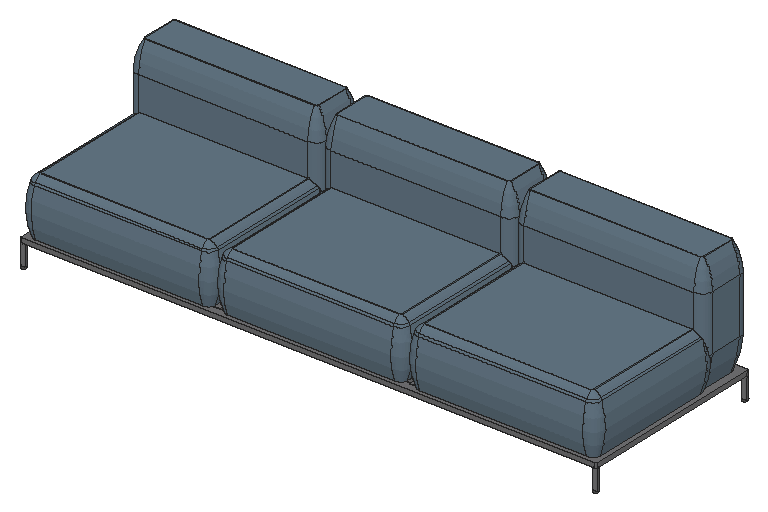
Revit family "Haworth_Mex-Hi_Sofa_Wide_WithoutArm", category Furniture, Revit 2018 (continued)
Definition of nested family "Haworth_Mex-Hi_Sofa_Base-PART"
  Dimensions and locks (in)
    aligned and locked: Extrusion 8 to Extrusion 1
    aligned and locked: plane 29 to Extrusion 9 sketch curve  (x2)
    aligned and locked: plane 30 to Extrusion 9 sketch curve  (x2)
    aligned and locked: plane 28 to Extrusion 9 sketch curve  (x2)
    aligned and locked: plane 27 to Extrusion 9 sketch curve  (x2)
    aligned and locked: Extrusion 9 to Extrusion 1
    aligned and locked: plane 28 to Extrusion 10 sketch curve  (x2)
    aligned and locked: plane 27 to Extrusion 10 sketch curve  (x2)
    aligned and locked: plane 30 to Extrusion 10 sketch curve  (x2)
    aligned and locked: plane 29 to Extrusion 10 sketch curve  (x2)
    aligned and locked: Extrusion 10 to Extrusion 7
  Automatic sketch dimensions
    Extrusion 1 sketch curve to plane 26 = 0.00"
    Extrusion 1 sketch curve to plane 21 = 0.00"
    Extrusion 1 sketch curve to plane 22 = 0.00"
    plane 20 to Extrusion 1 sketch curve = 0.00"
    Extrusion 1 sketch curve to plane 23 = 0.00"  (x4)
    Extrusion 1 sketch curve to plane 18 = 0.00"
    Extrusion 1 sketch curve to plane 13 = 0.00"
    Extrusion 1 sketch curve to plane 16 = 0.00"
    Extrusion 1 sketch curve to plane 24 = 0.00"  (x4)
    Extrusion 1 sketch curve to plane 14 = 0.00"
    Extrusion 1 sketch curve to plane 15 = 0.00"
    Extrusion 1 sketch curve to plane 25 = 0.00"
    Extrusion 1 sketch curve to plane 19 = 0.00"
    Extrusion 1 sketch curve to plane 17 = 0.00"
    Extrusion 1 sketch curve to Extrusion 1 sketch curve = 0.37614"
    plane 22 to Extrusion 1 sketch curve = 0.38594"
    plane 25 to Extrusion 1 sketch curve = 0.37614"
    Extrusion 1 sketch curve to Extrusion 1 sketch curve = 0.28319"
    Extrusion 2 sketch curve to plane 26 = 0.39651"
    Extrusion 2 sketch curve to plane 26 = 0.3937"
    plane 25 to Extrusion 2 sketch curve = 0.38769"
    plane 25 to Extrusion 2 sketch curve = 0.3846"
    plane 22 to Extrusion 2 sketch curve = 0.39739"
    plane 22 to Extrusion 2 sketch curve = 0.39471"
    Extrusion 2 sketch curve to plane 21 = 0.38803"
    Extrusion 2 sketch curve to plane 21 = 0.38772"
    Extrusion 3 sketch curve to plane 26 = 0.3937"  (x2)
    plane 25 to Extrusion 3 sketch curve = 0.39041"
    plane 25 to Extrusion 3 sketch curve = 0.38669"
    plane 22 to Extrusion 3 sketch curve = 0.39311"
    plane 22 to Extrusion 3 sketch curve = 0.39131"
    Extrusion 3 sketch curve to plane 21 = 0.38772"  (x2)
    plane 20 to curve 55 = 0.00"
    curve 55 to plane 31 = 0.00"
    curve 55 to plane 32 = 0.00"
    curve 44 to plane 13 = 0.00"
    curve 53 to plane 21 = 0.00"
    radius of Extrusion 2 sketch curve = 0.41206"  (x4)
    radius of Extrusion 3 sketch curve = 0.49213"  (x4)
    radius of Extrusion 7 sketch curve = 0.49213"  (x2)
    radius of Extrusion 8 sketch curve = 0.41206"  (x2)
    radius of Extrusion 9 sketch curve = 0.41206"  (x4)
    radius of Extrusion 10 sketch curve = 0.49213"  (x4)
  Nested families (in)
    nested 1: "Haworth_Mex-Hi_Sofa_Knob-PART" at (-49.35041, 13.65777, 0), visible <- "Three Seats", type "Knob - PART"
    nested 2: "Haworth_Mex-Hi_Sofa_Knob-PART" at (-49.35041, 5.78375, 0), visible <- "Three Seats", type "Knob - PART"
    nested 3: "Haworth_Mex-Hi_Sofa_Knob-PART" at (-49.35041, -14.04791, 0), visible <- "Three Seats", type "Knob - PART"
    nested 4: "Haworth_Mex-Hi_Sofa_Knob-PART" at (-41.10041, -14.04791, 0.00098), type "Knob - PART"
    nested 5: "Haworth_Mex-Hi_Sofa_Knob-PART" at (-21.10041, 13.65777, 0), type "Knob - PART"
    nested 6: "Haworth_Mex-Hi_Sofa_Knob-PART" at (-13.66357, 13.65777, 0), type "Knob - PART"
    nested 7: "Haworth_Mex-Hi_Sofa_Knob-PART" at (-13.66357, 5.78375, 0), type "Knob - PART"
    nested 8: "Haworth_Mex-Hi_Sofa_Knob-PART" at (-13.66357, -14.04791, 0), type "Knob - PART"
    nested 9: "Haworth_Mex-Hi_Sofa_Knob-PART" at (14.33643, -14.04791, 0), type "Knob - PART"
    nested 10: "Haworth_Mex-Hi_Sofa_Knob-PART" at (14.33643, 5.78375, 0), type "Knob - PART"
    nested 11: "Haworth_Mex-Hi_Sofa_Knob-PART" at (14.33643, 13.65777, 0), type "Knob - PART"
    nested 12: "Haworth_Mex-Hi_Sofa_Knob-PART" at (21.51753, 13.65777, 0), type "Knob - PART"
    nested 13: "Haworth_Mex-Hi_Sofa_Knob-PART" at (21.51753, 5.78375, 0), type "Knob - PART"
    nested 14: "Haworth_Mex-Hi_Sofa_Knob-PART" at (21.51753, -14.04791, 0), type "Knob - PART"
    nested 15: "Haworth_Mex-Hi_Sofa_Knob-PART" at (41.58464, -14.04791, 0), type "Knob - PART"
    nested 16: "Haworth_Mex-Hi_Sofa_Knob-PART" at (41.58464, 5.78375, 0), type "Knob - PART"
    nested 17: "Haworth_Mex-Hi_Sofa_Knob-PART" at (49.58464, 13.65777, 0), visible <- "Three Seats", type "Knob - PART"
    nested 18: "Haworth_Mex-Hi_Sofa_Knob-PART" at (49.58464, 5.78375, 0), visible <- "Three Seats", type "Knob - PART"
    nested 19: "Haworth_Mex-Hi_Sofa_Knob-PART" at (-41.10041, 5.78375, 0), type "Knob - PART"
  Definition of nested family "Haworth_Mex-Hi_Sofa_Knob-PART"
    Parameters (values of type "Knob - PART")
      Warranty = "http://www.haworth.com/resources/product-info/warranties"
      URL - Product = "https://www.haworth.com/na/en/products/lounge-sofas/ottomans/mex-hi-seating.html"
      URL = "https://www.haworth.com/na/en/about/brands/haworth-collection.html"
      Trim Finish = none
      Sustainability Info = "https://www.haworth.com/na/en/expertise/sustainability.html"
      Size = "Verify Final Dim. w/ Haworth"  # constant formula
      Revision Number = "1"  # constant formula
      Model = "Haworth - Cassina - Mex-Hi"  # constant formula
      Manufacturer = "Haworth"  # constant formula
      Description = "Haworth - Cassina - Mex-Hi - Sofa - Knob - PART"  # constant formula
      Author = "Haworth (Abd Rahman)"  # constant formula
      Assembly Code = "E2020200"
      Actual Width = 1.67"  # constant formula
      Actual Height = 4.08"  # constant formula
      Actual Depth = 1.47"  # constant formula
    Reference planes (in)
      plane 1: z = 0
      plane 2 "Center L/R": x = -6.1322
      plane 3 "Top": z = 4.08
      plane 4: x = -5.2972
      plane 5: x = -6.9672
      plane 6: y = -10.90319
      plane 7: y = -12.373
      plane 8: y = -11.6381
    Forms (in)
      Extrusion 1, solid, material <- "Trim Finish"
        sketch origin (0, 0, 0) x (1, 0, 0) y (0, 1, 0)
          loop
            arc (-6.96571, -11.20052) -> (-6.96593, -11.22622) -> (-6.95004, -11.24643) r 0.03882
            arc (-6.95004, -11.24643) -> (-6.5066, -11.70956) -> (-6.32724, -12.32516) r 1.34831
            arc (-6.32724, -12.32516) -> (-6.31768, -12.34902) -> (-6.29531, -12.36168) r 0.03882
            arc (-6.29531, -12.36168) -> (-6.12907, -12.37648) -> (-5.96283, -12.36168) r 0.94089
            arc (-5.96283, -12.36168) -> (-5.93846, -12.34653) -> (-5.93115, -12.31878) r 0.03882
            arc (-5.93115, -12.31878) -> (-5.74775, -11.6992) -> (-5.2972, -11.23603) r 1.34873
            arc (-5.2972, -11.23603) -> (-5.29048, -11.21886) -> (-5.29243, -11.20052) r 0.03882
            arc (-5.29243, -11.20052) -> (-5.36273, -11.04915) -> (-5.45867, -10.91258) r 0.94086
            arc (-5.45867, -10.91258) -> (-5.48082, -10.89954) -> (-5.50626, -10.90319) r 0.03882
            arc (-5.50626, -10.90319) -> (-6.12907, -11.05565) -> (-6.75188, -10.90319) r 1.34833
            arc (-6.75188, -10.90319) -> (-6.77732, -10.89954) -> (-6.79947, -10.91258) r 0.03882
            arc (-6.79947, -10.91258) -> (-6.89541, -11.04915) -> (-6.96571, -11.20052) r 0.94087
        from 3.49028 to 3.88235
      Extrusion 2, solid, material <- "Trim Finish"
        sketch origin (0, 0, 0) x (1, 0, 0) y (0, 1, 0)
          loop
            circle (-6.1322, -11.5) r 0.37215
        from 3.88235 to 4.08098
    Cuts and joins
      joined: Extrusion 1, Extrusion 2
    Lines and regions (in)
      symbolic lines
        curve 1: arc (-5.50626, -10.90319, 0) -> (-6.12907, -11.05565, 0) -> (-6.75188, -10.90319, 0) r 1.34833
        curve 2: arc (-5.45867, -10.91258, 0) -> (-5.48082, -10.89954, 0) -> (-5.50626, -10.90319, 0) r 0.03882
        curve 3: arc (-5.29243, -11.20052, 0) -> (-5.36273, -11.04915, 0) -> (-5.45867, -10.91258, 0) r 0.94086
        curve 4: arc (-5.2972, -11.23603, 0) -> (-5.29048, -11.21886, 0) -> (-5.29243, -11.20052, 0) r 0.03882
        curve 5: arc (-5.93115, -12.31878, 0) -> (-5.74775, -11.6992, 0) -> (-5.2972, -11.23603, 0) r 1.34873
        curve 6: arc (-5.96283, -12.36168, 0) -> (-5.93846, -12.34653, 0) -> (-5.93115, -12.31878, 0) r 0.03882
        curve 7: arc (-6.29531, -12.36168, 0) -> (-6.12907, -12.37648, 0) -> (-5.96283, -12.36168, 0) r 0.94089
        curve 8: arc (-6.32724, -12.32516, 0) -> (-6.31768, -12.34902, 0) -> (-6.29531, -12.36168, 0) r 0.03882
        curve 9: arc (-6.95004, -11.24643, 0) -> (-6.5066, -11.70956, 0) -> (-6.32724, -12.32516, 0) r 1.34831
        curve 10: arc (-6.96571, -11.20052, 0) -> (-6.96593, -11.22622, 0) -> (-6.95004, -11.24643, 0) r 0.03882
        curve 11: arc (-6.79947, -10.91258, 0) -> (-6.89541, -11.04915, 0) -> (-6.96571, -11.20052, 0) r 0.94087
        curve 12: arc (-6.75188, -10.90319, 0) -> (-6.77732, -10.89954, 0) -> (-6.79947, -10.91258, 0) r 0.03882
    Dimensions and locks (in)
      equal spacing: plane 7, plane 8, plane 6
      plane 6 to plane 7 = 1.46981"
      equal spacing: plane 5, plane 2 "Center L/R", plane 4
      "Actual Width": plane 5 to plane 4
      "Actual Height": plane 3 "Top" to level
    Automatic sketch dimensions
      Extrusion 1 sketch curve to plane 2 "Center L/R" = 0.15625"
      Extrusion 1 sketch curve to plane 2 "Center L/R" = 0.6376"
      Extrusion 1 sketch curve to Extrusion 1 sketch curve = 0.15938"  (x2)
      Extrusion 1 sketch curve to plane 2 "Center L/R" = 1.54206"
      Extrusion 1 sketch curve to plane 2 "Center L/R" = 0.04533"
      Extrusion 1 sketch curve to Extrusion 1 sketch curve = 0.04847"
      plane 2 "Center L/R" to Extrusion 1 sketch curve = 0.00314"
      Extrusion 1 sketch curve to Extrusion 1 sketch curve = 0.09695"
      Extrusion 1 sketch curve to Extrusion 1 sketch curve = 0.31877"
      plane 2 "Center L/R" to Extrusion 1 sketch curve = 0.64387"
      Extrusion 1 sketch curve to Extrusion 1 sketch curve = 0.74511"
      Extrusion 1 sketch curve to Extrusion 1 sketch curve = 0.00"  (x11)
      Extrusion 1 sketch curve to Extrusion 1 sketch curve = 0.00001"
      Extrusion 1 sketch curve to Extrusion 1 sketch curve = 0.08398"
      Extrusion 1 sketch curve to Extrusion 1 sketch curve = 0.27606"  (x2)
      Extrusion 1 sketch curve to Extrusion 1 sketch curve = 1.2303"
      Extrusion 1 sketch curve to plane 2 "Center L/R" = 0.16311"
      Extrusion 1 sketch curve to Extrusion 1 sketch curve = 0.01793"
      Extrusion 2 sketch curve to plane 2 "Center L/R" = 0.00"
      plane 6 to Extrusion 1 sketch curve = 0.00"  (x2)
      Extrusion 1 sketch curve to plane 4 = 0.00"
      plane 6 to Extrusion 1 sketch curve = 0.5324"
      plane 7 to Extrusion 1 sketch curve = 0.04953"
      Extrusion 1 sketch curve to plane 7 = 0.01071"
      plane 6 to Extrusion 2 sketch curve = 0.59681"
      plane 6 to curve 1 = 0.00"  (x2)
      plane 6 to curve 2 = 0.00"
      plane 2 "Center L/R" to curve 1 = 0.00314"
      plane 6 to curve 2 = 0.03443"
      plane 4 to curve 2 = 0.19113"
      curve 1 to plane 6 = 1.19587"
      plane 6 to curve 2 = 0.00939"
      curve 3 to plane 2 "Center L/R" = 0.04533"
      curve 3 to curve 2 = 0.00"
      curve 3 to plane 4 = 0.00477"
      curve 4 to plane 4 = 0.00"
      plane 4 to curve 4 = 0.03174"
      curve 4 to curve 3 = 0.00"
      curve 5 to plane 7 = 0.00766"
      curve 5 to plane 4 = 0.71336"
      plane 7 to curve 5 = 0.05423"
      curve 6 to curve 5 = 0.03853"
      curve 6 to curve 5 = 0.0047"
      plane 7 to curve 6 = 0.01132"
      plane 2 "Center L/R" to curve 7 = 0.00314"
      plane 7 to curve 7 = 0.01132"
      curve 7 to plane 2 "Center L/R" = 0.16311"
      curve 7 to curve 8 = 0.00686"
      curve 8 to curve 8 = 0.03878"
      curve 8 to curve 7 = 0.00"
      curve 9 to plane 7 = 0.01071"
      curve 9 to plane 5 = 0.01716"
      curve 9 to curve 8 = 0.00"
      curve 10 to plane 5 = 0.03801"
      curve 10 to plane 5 = 0.0015"
      curve 10 to curve 9 = 0.00"
      plane 2 "Center L/R" to curve 11 = 0.05162"
      curve 11 to curve 10 = 0.00"
      plane 6 to curve 11 = 0.00939"
      plane 6 to curve 12 = 0.00"
      radius of Extrusion 2 sketch curve = 0.37215"
Types (2): name | Two Seats Wide | Three Seats Wide | Description | Actual Width
  Three Seat Sofa | no | yes | "Haworth - Cassina - Mex-Hi - Sofa - Without Arm - Wide Three Seat" | 106.30"
  Two Seat Sofa | yes | no | "Haworth - Cassina - Mex-Hi - Sofa - Without Arm - Wide Two Seat" | 86.60"
